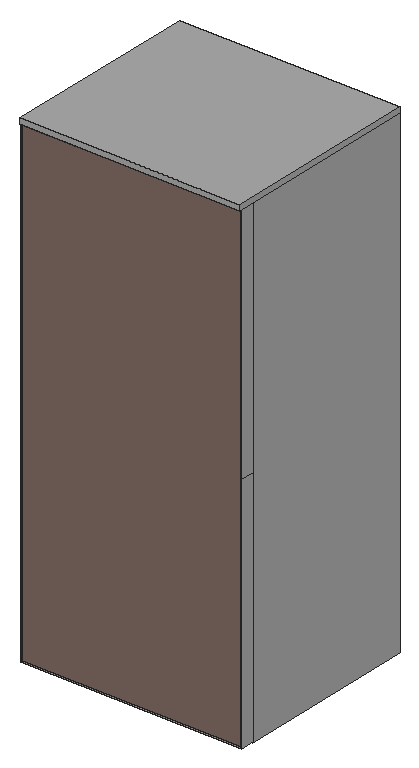
Revit family "bathroom vanity-hansgrohe-54214XXX-Xevolos E Mid-height cabinet Slate Matt Grey 400_360, door hinge left", category Furniture, Revit 2019
Family settings
  OmniClass Number = 23.40.00.00
  OmniClass Title = Equipment and Furnishings
  Work Plane-Based = No
  Always vertical = Yes
  Cut with Voids When Loaded = No
  Shared = Yes
  Room Calculation Point = No
Parameters (values of type "54214730-SLATE_MATT_GREY-DARK_OAK-200")
  etim7_EC011381 = "EC011381"
  WEIGHT = "22.5"
  UNSPSC = "56 | Furniture and Furnishings"
  UNIFORMATII = "E2010 | Fixed Furnishings"
  UNICLASS_2015_CODE = "40_30_78_05"
  UNICLASS2015 = "Pr_40_30_78_05 | Bathroom furniture"
  SURFACE = "DARK_OAK"
  REGION = "Worldwide"
  PRODUCTURL = "https://pro.hansgrohe.com/articledetail--54214770"
  PERMALINK = "54214XXX"
  OMNICLASS = "23-21 19 15 33 13 | Residential Bathroom Specialty Casework"
  OBJECTTYPE = "Object (single object)"
  OBERFLAECHE = "SLATE_MATT_GREY"
  NN = "Mid-height cabinet, door hinge"
  NBSYN = "$ARTNR.-$OBERFLAECHE.-$SURFACE.-$LODLEVEL."
  NB = "54214730-SLATE_MATT_GREY-DARK_OAK-200"
  NAME = "Xevolos E Mid-height cabinet Slate Matt Grey 400/360, door hinge left"
  Model = "54214730-SLATE_MATT_GREY-DARK_OAK-200"
  Manufacturer = "Hansgrohe"
  MIdent = "{$CADENAS_DATA/23d-libs/hansgrohe/xevolos_furniture/xevolos_mid-height_cabinet_door_hinge/mid-height_cabinet_door_hinge.prj},246 {VTYP=3D},{NB=54214730-SLATE_MATT_GREY-DARK_OAK-200},{LINA=54214730-SLATE_MATT_GREY-DARK_OAK-200},{NN=Mid-height cabinet, door hinge},{DATE=13.03.2023 11:42:53},{GEOMDATE=12.03.2023 06:48:00},{VERSION=},{LINEID=80},{WBVAR=LODLEVEL},{WBNUMERIC=}  {NB=54214730-SLATE_MATT_GREY-DARK_OAK-200},{LINA=54214730-SLATE_MATT_GREY-DARK_OAK-200},{KT=DUMMY},{IDNR=8},{ARTNR=54214730},{BASENUMBER=54214},{MODEL=54214XXX},{OBERFLAECHE=SLATE_MATT_GREY},{SURFACE=DARK_OAK},{L=400},{LODLEVEL=200},{LODLEVELX='400','400','200','200'},{NAME=Xevolos E Mid-height cabinet Slate Matt Grey 400/360, door hinge left},{PERMALINK=54214XXX},{OBJECTTYPE=Object (single object)},{BIMOBJECT=Sanitary: Compound units},{COLLECTIONSET=Xevolos E},{COLLECTION=bathroom vanity},{WEIGHT=22.5},{DESCRIPTION=Xevolos E Mid-height cabinet Slate Matt Grey 400/360, door hinge left},{PRODUCTURL=https://pro.hansgrohe.com/articledetail--54214770},{GTINCODE=0},{TENDERURL=0},{IFC=Furnishing element},{ETIM=EC011381 | Bathroom furniture set},{UNICLASS2015=Pr_40_30_78_05 | Bathroom furniture},{OMNICLASS=23-21 19 15 33 13 | Residential Bathroom Specialty Casework},{MASTERFORMAT=12 35 30.23 | Bathroom Casework},{UNSPSC=56 | Furniture and Furnishings},{UNIFORMATII=E2010 | Fixed Furnishings},{REGION=Worldwide},{DESIGN=Germany},{MANUFACTURER=Germany}"
  MASTERFORMAT = "12 35 30.23 | Bathroom Casework"
  LODLEVEL = "200"
  LINA = "54214730-SLATE_MATT_GREY-DARK_OAK-200"
  L = 400
  IFC = "Furnishing element"
  IDNR = 8
  ETIM = "EC011381 | Bathroom furniture set"
  DESIGN = "Germany"
  COLLECTIONSET = "Xevolos E"
  COLLECTION = "bathroom vanity"
  CATALOG = "Hansgrohe"
  BIMOBJECT = "Sanitary: Compound units"
  BASENUMBER = "54214"
  ARTNR = "54214730"
  54214770-SLATE_MATT_GREY-METALLIC_SLATE_GREY-400_RX0RY0RZ0TX0TY0TZ0_V = no
  54214770-SLATE_MATT_GREY-METALLIC_SLATE_GREY-200_RX0RY0RZ0TX0TY0TZ0_V = no
  54214730-SLATE_MATT_GREY-DARK_OAK-400_RX0RY0RZ0TX0TY0TZ0_V = no
  54214730-SLATE_MATT_GREY-DARK_OAK-200_RX0RY0RZ0TX0TY0TZ0_V = yes
  54214390-SLATE_MATT_GREY-PATTEREND_BRONZE-400_RX0RY0RZ0TX0TY0TZ0_V = no
  54214390-SLATE_MATT_GREY-PATTEREND_BRONZE-200_RX0RY0RZ0TX0TY0TZ0_V = no
Types (6, lengths in mm): name | SURFACE | NB | Model | MIdent | LODLEVEL | LINA | IDNR | ARTNR | 54214770-SLATE_MATT_GREY-METALLIC_SLATE_GREY-400_RX0RY0RZ0TX0TY0TZ0_V | 54214770-SLATE_MATT_GREY-METALLIC_SLATE_GREY-200_RX0RY0RZ0TX0TY0TZ0_V | 54214730-SLATE_MATT_GREY-DARK_OAK-400_RX0RY0RZ0TX0TY0TZ0_V | 54214730-SLATE_MATT_GREY-DARK_OAK-200_RX0RY0RZ0TX0TY0TZ0_V | 54214390-SLATE_MATT_GREY-PATTEREND_BRONZE-400_RX0RY0RZ0TX0TY0TZ0_V | 54214390-SLATE_MATT_GREY-PATTEREND_BRONZE-200_RX0RY0RZ0TX0TY0TZ0_V
  54214390-SLATE_MATT_GREY-PATTEREND_BRONZE-200 | "PATTEREND_BRONZE" | "54214390-SLATE_MATT_GREY-PATTEREND_BRONZE-200" | "54214390-SLATE_MATT_GREY-PATTEREND_BRONZE-200" | "{$CADENAS_DATA/23d-libs/hansgrohe/xevolos_furniture/xevolos_mid-height_cabinet_door_hinge/mid-height_cabinet_door_hinge.prj},262 {VTYP=3D},{NB=54214390-SLATE_MATT_GREY-PATTEREND_BRONZE-200},{LINA=54214390-SLATE_MATT_GREY-PATTEREND_BRONZE-200},{NN=Mid-height cabinet, door hinge},{DATE=13.03.2023 11:42:53},{GEOMDATE=12.03.2023 06:48:00},{VERSION=},{LINEID=70},{WBVAR=LODLEVEL},{WBNUMERIC=}  {NB=54214390-SLATE_MATT_GREY-PATTEREND_BRONZE-200},{LINA=54214390-SLATE_MATT_GREY-PATTEREND_BRONZE-200},{KT=DUMMY},{IDNR=7},{ARTNR=54214390},{BASENUMBER=54214},{MODEL=54214XXX},{OBERFLAECHE=SLATE_MATT_GREY},{SURFACE=PATTEREND_BRONZE},{L=400},{LODLEVEL=200},{LODLEVELX='400','400','200','200'},{NAME=Xevolos E Mid-height cabinet Slate Matt Grey 400/360, door hinge left},{PERMALINK=54214XXX},{OBJECTTYPE=Object (single object)},{BIMOBJECT=Sanitary: Compound units},{COLLECTIONSET=Xevolos E},{COLLECTION=bathroom vanity},{WEIGHT=22.5},{DESCRIPTION=Xevolos E Mid-height cabinet Slate Matt Grey 400/360, door hinge left},{PRODUCTURL=https://pro.hansgrohe.com/articledetail--54214770},{GTINCODE=0},{TENDERURL=0},{IFC=Furnishing element},{ETIM=EC011381 | Bathroom furniture set},{UNICLASS2015=Pr_40_30_78_05 | Bathroom furniture},{OMNICLASS=23-21 19 15 33 13 | Residential Bathroom Specialty Casework},{MASTERFORMAT=12 35 30.23 | Bathroom Casework},{UNSPSC=56 | Furniture and Furnishings},{UNIFORMATII=E2010 | Fixed Furnishings},{REGION=Worldwide},{DESIGN=Germany},{MANUFACTURER=Germany}" | "200" | "54214390-SLATE_MATT_GREY-PATTEREND_BRONZE-200" | 7 | "54214390" | no | no | no | no | no | yes
  54214390-SLATE_MATT_GREY-PATTEREND_BRONZE-400 | "PATTEREND_BRONZE" | "54214390-SLATE_MATT_GREY-PATTEREND_BRONZE-400" | "54214390-SLATE_MATT_GREY-PATTEREND_BRONZE-400" | "{$CADENAS_DATA/23d-libs/hansgrohe/xevolos_furniture/xevolos_mid-height_cabinet_door_hinge/mid-height_cabinet_door_hinge.prj},262 {VTYP=3D},{NB=54214390-SLATE_MATT_GREY-PATTEREND_BRONZE-400},{LINA=54214390-SLATE_MATT_GREY-PATTEREND_BRONZE-400},{NN=Mid-height cabinet, door hinge},{DATE=13.03.2023 11:42:53},{GEOMDATE=12.03.2023 06:48:00},{VERSION=},{LINEID=70},{WBVAR=LODLEVEL},{WBNUMERIC=}  {NB=54214390-SLATE_MATT_GREY-PATTEREND_BRONZE-400},{LINA=54214390-SLATE_MATT_GREY-PATTEREND_BRONZE-400},{KT=DUMMY},{IDNR=7},{ARTNR=54214390},{BASENUMBER=54214},{MODEL=54214XXX},{OBERFLAECHE=SLATE_MATT_GREY},{SURFACE=PATTEREND_BRONZE},{L=400},{LODLEVEL=400},{LODLEVELX='400','400','200','200'},{NAME=Xevolos E Mid-height cabinet Slate Matt Grey 400/360, door hinge left},{PERMALINK=54214XXX},{OBJECTTYPE=Object (single object)},{BIMOBJECT=Sanitary: Compound units},{COLLECTIONSET=Xevolos E},{COLLECTION=bathroom vanity},{WEIGHT=22.5},{DESCRIPTION=Xevolos E Mid-height cabinet Slate Matt Grey 400/360, door hinge left},{PRODUCTURL=https://pro.hansgrohe.com/articledetail--54214770},{GTINCODE=0},{TENDERURL=0},{IFC=Furnishing element},{ETIM=EC011381 | Bathroom furniture set},{UNICLASS2015=Pr_40_30_78_05 | Bathroom furniture},{OMNICLASS=23-21 19 15 33 13 | Residential Bathroom Specialty Casework},{MASTERFORMAT=12 35 30.23 | Bathroom Casework},{UNSPSC=56 | Furniture and Furnishings},{UNIFORMATII=E2010 | Fixed Furnishings},{REGION=Worldwide},{DESIGN=Germany},{MANUFACTURER=Germany}" | "400" | "54214390-SLATE_MATT_GREY-PATTEREND_BRONZE-400" | 7 | "54214390" | no | no | no | no | yes | no
  54214730-SLATE_MATT_GREY-DARK_OAK-200 | "DARK_OAK" | "54214730-SLATE_MATT_GREY-DARK_OAK-200" | "54214730-SLATE_MATT_GREY-DARK_OAK-200" | "{$CADENAS_DATA/23d-libs/hansgrohe/xevolos_furniture/xevolos_mid-height_cabinet_door_hinge/mid-height_cabinet_door_hinge.prj},246 {VTYP=3D},{NB=54214730-SLATE_MATT_GREY-DARK_OAK-200},{LINA=54214730-SLATE_MATT_GREY-DARK_OAK-200},{NN=Mid-height cabinet, door hinge},{DATE=13.03.2023 11:42:53},{GEOMDATE=12.03.2023 06:48:00},{VERSION=},{LINEID=80},{WBVAR=LODLEVEL},{WBNUMERIC=}  {NB=54214730-SLATE_MATT_GREY-DARK_OAK-200},{LINA=54214730-SLATE_MATT_GREY-DARK_OAK-200},{KT=DUMMY},{IDNR=8},{ARTNR=54214730},{BASENUMBER=54214},{MODEL=54214XXX},{OBERFLAECHE=SLATE_MATT_GREY},{SURFACE=DARK_OAK},{L=400},{LODLEVEL=200},{LODLEVELX='400','400','200','200'},{NAME=Xevolos E Mid-height cabinet Slate Matt Grey 400/360, door hinge left},{PERMALINK=54214XXX},{OBJECTTYPE=Object (single object)},{BIMOBJECT=Sanitary: Compound units},{COLLECTIONSET=Xevolos E},{COLLECTION=bathroom vanity},{WEIGHT=22.5},{DESCRIPTION=Xevolos E Mid-height cabinet Slate Matt Grey 400/360, door hinge left},{PRODUCTURL=https://pro.hansgrohe.com/articledetail--54214770},{GTINCODE=0},{TENDERURL=0},{IFC=Furnishing element},{ETIM=EC011381 | Bathroom furniture set},{UNICLASS2015=Pr_40_30_78_05 | Bathroom furniture},{OMNICLASS=23-21 19 15 33 13 | Residential Bathroom Specialty Casework},{MASTERFORMAT=12 35 30.23 | Bathroom Casework},{UNSPSC=56 | Furniture and Furnishings},{UNIFORMATII=E2010 | Fixed Furnishings},{REGION=Worldwide},{DESIGN=Germany},{MANUFACTURER=Germany}" | "200" | "54214730-SLATE_MATT_GREY-DARK_OAK-200" | 8 | "54214730" | no | no | no | yes | no | no
  54214730-SLATE_MATT_GREY-DARK_OAK-400 | "DARK_OAK" | "54214730-SLATE_MATT_GREY-DARK_OAK-400" | "54214730-SLATE_MATT_GREY-DARK_OAK-400" | "{$CADENAS_DATA/23d-libs/hansgrohe/xevolos_furniture/xevolos_mid-height_cabinet_door_hinge/mid-height_cabinet_door_hinge.prj},246 {VTYP=3D},{NB=54214730-SLATE_MATT_GREY-DARK_OAK-400},{LINA=54214730-SLATE_MATT_GREY-DARK_OAK-400},{NN=Mid-height cabinet, door hinge},{DATE=13.03.2023 11:42:53},{GEOMDATE=12.03.2023 06:48:00},{VERSION=},{LINEID=80},{WBVAR=LODLEVEL},{WBNUMERIC=}  {NB=54214730-SLATE_MATT_GREY-DARK_OAK-400},{LINA=54214730-SLATE_MATT_GREY-DARK_OAK-400},{KT=DUMMY},{IDNR=8},{ARTNR=54214730},{BASENUMBER=54214},{MODEL=54214XXX},{OBERFLAECHE=SLATE_MATT_GREY},{SURFACE=DARK_OAK},{L=400},{LODLEVEL=400},{LODLEVELX='400','400','200','200'},{NAME=Xevolos E Mid-height cabinet Slate Matt Grey 400/360, door hinge left},{PERMALINK=54214XXX},{OBJECTTYPE=Object (single object)},{BIMOBJECT=Sanitary: Compound units},{COLLECTIONSET=Xevolos E},{COLLECTION=bathroom vanity},{WEIGHT=22.5},{DESCRIPTION=Xevolos E Mid-height cabinet Slate Matt Grey 400/360, door hinge left},{PRODUCTURL=https://pro.hansgrohe.com/articledetail--54214770},{GTINCODE=0},{TENDERURL=0},{IFC=Furnishing element},{ETIM=EC011381 | Bathroom furniture set},{UNICLASS2015=Pr_40_30_78_05 | Bathroom furniture},{OMNICLASS=23-21 19 15 33 13 | Residential Bathroom Specialty Casework},{MASTERFORMAT=12 35 30.23 | Bathroom Casework},{UNSPSC=56 | Furniture and Furnishings},{UNIFORMATII=E2010 | Fixed Furnishings},{REGION=Worldwide},{DESIGN=Germany},{MANUFACTURER=Germany}" | "400" | "54214730-SLATE_MATT_GREY-DARK_OAK-400" | 8 | "54214730" | no | no | yes | no | no | no
  54214770-SLATE_MATT_GREY-METALLIC_SLATE_GREY-200 | "METALLIC_SLATE_GREY" | "54214770-SLATE_MATT_GREY-METALLIC_SLATE_GREY-200" | "54214770-SLATE_MATT_GREY-METALLIC_SLATE_GREY-200" | "{$CADENAS_DATA/23d-libs/hansgrohe/xevolos_furniture/xevolos_mid-height_cabinet_door_hinge/mid-height_cabinet_door_hinge.prj},268 {VTYP=3D},{NB=54214770-SLATE_MATT_GREY-METALLIC_SLATE_GREY-200},{LINA=54214770-SLATE_MATT_GREY-METALLIC_SLATE_GREY-200},{NN=Mid-height cabinet, door hinge},{DATE=13.03.2023 11:42:53},{GEOMDATE=12.03.2023 06:48:00},{VERSION=},{LINEID=90},{WBVAR=LODLEVEL},{WBNUMERIC=}  {NB=54214770-SLATE_MATT_GREY-METALLIC_SLATE_GREY-200},{LINA=54214770-SLATE_MATT_GREY-METALLIC_SLATE_GREY-200},{KT=DUMMY},{IDNR=9},{ARTNR=54214770},{BASENUMBER=54214},{MODEL=54214XXX},{OBERFLAECHE=SLATE_MATT_GREY},{SURFACE=METALLIC_SLATE_GREY},{L=400},{LODLEVEL=200},{LODLEVELX='400','400','200','200'},{NAME=Xevolos E Mid-height cabinet Slate Matt Grey 400/360, door hinge left},{PERMALINK=54214XXX},{OBJECTTYPE=Object (single object)},{BIMOBJECT=Sanitary: Compound units},{COLLECTIONSET=Xevolos E},{COLLECTION=bathroom vanity},{WEIGHT=22.5},{DESCRIPTION=Xevolos E Mid-height cabinet Slate Matt Grey 400/360, door hinge left},{PRODUCTURL=https://pro.hansgrohe.com/articledetail--54214770},{GTINCODE=0},{TENDERURL=0},{IFC=Furnishing element},{ETIM=EC011381 | Bathroom furniture set},{UNICLASS2015=Pr_40_30_78_05 | Bathroom furniture},{OMNICLASS=23-21 19 15 33 13 | Residential Bathroom Specialty Casework},{MASTERFORMAT=12 35 30.23 | Bathroom Casework},{UNSPSC=56 | Furniture and Furnishings},{UNIFORMATII=E2010 | Fixed Furnishings},{REGION=Worldwide},{DESIGN=Germany},{MANUFACTURER=Germany}" | "200" | "54214770-SLATE_MATT_GREY-METALLIC_SLATE_GREY-200" | 9 | "54214770" | no | yes | no | no | no | no
  54214770-SLATE_MATT_GREY-METALLIC_SLATE_GREY-400 | "METALLIC_SLATE_GREY" | "54214770-SLATE_MATT_GREY-METALLIC_SLATE_GREY-400" | "54214770-SLATE_MATT_GREY-METALLIC_SLATE_GREY-400" | "{$CADENAS_DATA/23d-libs/hansgrohe/xevolos_furniture/xevolos_mid-height_cabinet_door_hinge/mid-height_cabinet_door_hinge.prj},268 {VTYP=3D},{NB=54214770-SLATE_MATT_GREY-METALLIC_SLATE_GREY-400},{LINA=54214770-SLATE_MATT_GREY-METALLIC_SLATE_GREY-400},{NN=Mid-height cabinet, door hinge},{DATE=13.03.2023 11:42:53},{GEOMDATE=12.03.2023 06:48:00},{VERSION=},{LINEID=90},{WBVAR=LODLEVEL},{WBNUMERIC=}  {NB=54214770-SLATE_MATT_GREY-METALLIC_SLATE_GREY-400},{LINA=54214770-SLATE_MATT_GREY-METALLIC_SLATE_GREY-400},{KT=DUMMY},{IDNR=9},{ARTNR=54214770},{BASENUMBER=54214},{MODEL=54214XXX},{OBERFLAECHE=SLATE_MATT_GREY},{SURFACE=METALLIC_SLATE_GREY},{L=400},{LODLEVEL=400},{LODLEVELX='400','400','200','200'},{NAME=Xevolos E Mid-height cabinet Slate Matt Grey 400/360, door hinge left},{PERMALINK=54214XXX},{OBJECTTYPE=Object (single object)},{BIMOBJECT=Sanitary: Compound units},{COLLECTIONSET=Xevolos E},{COLLECTION=bathroom vanity},{WEIGHT=22.5},{DESCRIPTION=Xevolos E Mid-height cabinet Slate Matt Grey 400/360, door hinge left},{PRODUCTURL=https://pro.hansgrohe.com/articledetail--54214770},{GTINCODE=0},{TENDERURL=0},{IFC=Furnishing element},{ETIM=EC011381 | Bathroom furniture set},{UNICLASS2015=Pr_40_30_78_05 | Bathroom furniture},{OMNICLASS=23-21 19 15 33 13 | Residential Bathroom Specialty Casework},{MASTERFORMAT=12 35 30.23 | Bathroom Casework},{UNSPSC=56 | Furniture and Furnishings},{UNIFORMATII=E2010 | Fixed Furnishings},{REGION=Worldwide},{DESIGN=Germany},{MANUFACTURER=Germany}" | "400" | "54214770-SLATE_MATT_GREY-METALLIC_SLATE_GREY-400" | 9 | "54214770" | yes | no | no | no | no | no
Reference planes
  plane 1 "Center (Front/Back)": y = 0
  plane 2: z = 0
  plane 3 "Center (Left/Right)": x = 0
Dimensions and locks
  aligned and locked: level to plane 2
Nested families
  nested 1: "54214390-slate_matt_grey-patterend_bronze-200_content" at (0, 0, 0), visible <- "54214390-SLATE_MATT_GREY-PATTEREND_BRONZE-200_RX0RY0RZ0TX0TY0TZ0_V", ContentVisible <- "54214390-SLATE_MATT_GREY-PATTEREND_BRONZE-200_RX0RY0RZ0TX0TY0TZ0_V", type "54214390-SLATE_MATT_GREY-PATTEREND_BRONZE-200_Content"
    with ContentVisible no
  nested 2: "54214390-slate_matt_grey-patterend_bronze-400_content" at (0, 0, 0), visible <- "54214390-SLATE_MATT_GREY-PATTEREND_BRONZE-400_RX0RY0RZ0TX0TY0TZ0_V", ContentVisible <- "54214390-SLATE_MATT_GREY-PATTEREND_BRONZE-400_RX0RY0RZ0TX0TY0TZ0_V", type "54214390-SLATE_MATT_GREY-PATTEREND_BRONZE-400_Content"
    with ContentVisible no
  nested 3: "54214730-slate_matt_grey-dark_oak-200_content" at (0, 0, 0), visible <- "54214730-SLATE_MATT_GREY-DARK_OAK-200_RX0RY0RZ0TX0TY0TZ0_V", ContentVisible <- "54214730-SLATE_MATT_GREY-DARK_OAK-200_RX0RY0RZ0TX0TY0TZ0_V", type "54214730-SLATE_MATT_GREY-DARK_OAK-200_Content"
    with ContentVisible yes
  nested 4: "54214730-slate_matt_grey-dark_oak-400_content" at (0, 0, 0), visible <- "54214730-SLATE_MATT_GREY-DARK_OAK-400_RX0RY0RZ0TX0TY0TZ0_V", ContentVisible <- "54214730-SLATE_MATT_GREY-DARK_OAK-400_RX0RY0RZ0TX0TY0TZ0_V", type "54214730-SLATE_MATT_GREY-DARK_OAK-400_Content"
    with ContentVisible no
  nested 5: "54214770-slate_matt_grey-metallic_slate_grey-200_content" at (0, 0, 0), visible <- "54214770-SLATE_MATT_GREY-METALLIC_SLATE_GREY-200_RX0RY0RZ0TX0TY0TZ0_V", ContentVisible <- "54214770-SLATE_MATT_GREY-METALLIC_SLATE_GREY-200_RX0RY0RZ0TX0TY0TZ0_V", type "54214770-SLATE_MATT_GREY-METALLIC_SLATE_GREY-200_Content"
    with ContentVisible no
  nested 6: "54214770-slate_matt_grey-metallic_slate_grey-400_content" at (0, 0, 0), visible <- "54214770-SLATE_MATT_GREY-METALLIC_SLATE_GREY-400_RX0RY0RZ0TX0TY0TZ0_V", ContentVisible <- "54214770-SLATE_MATT_GREY-METALLIC_SLATE_GREY-400_RX0RY0RZ0TX0TY0TZ0_V", type "54214770-SLATE_MATT_GREY-METALLIC_SLATE_GREY-400_Content"
    with ContentVisible no
Definition of nested family "54214730-slate_matt_grey-dark_oak-200_content"
  Parameters (values of type "54214730-SLATE_MATT_GREY-DARK_OAK-200_Content")
    etim7_EC011381 = "EC011381"
    WEIGHT = "22.5"
    UNSPSC = "56 | Furniture and Furnishings"
    UNIFORMATII = "E2010 | Fixed Furnishings"
    UNICLASS_2015_CODE = "40_30_78_05"
    UNICLASS2015 = "Pr_40_30_78_05 | Bathroom furniture"
    SURFACE = "DARK_OAK"
    REGION = "Worldwide"
    PRODUCTURL = "https://pro.hansgrohe.com/articledetail--54214770"
    PERMALINK = "54214XXX"
    OMNICLASS = "23-21 19 15 33 13 | Residential Bathroom Specialty Casework"
    OBJECTTYPE = "Object (single object)"
    OBERFLAECHE = "SLATE_MATT_GREY"
    NN = "Mid-height cabinet, door hinge"
    NBSYN = "$ARTNR.-$OBERFLAECHE.-$SURFACE.-$LODLEVEL."
    NB = "54214730-SLATE_MATT_GREY-DARK_OAK-200"
    NAME = "Xevolos E Mid-height cabinet Slate Matt Grey 400/360, door hinge left"
    Model = "54214730-SLATE_MATT_GREY-DARK_OAK-200"
    Manufacturer = "Hansgrohe"
    MASTERFORMAT = "12 35 30.23 | Bathroom Casework"
    LODLEVEL = "200"
    LINA = "54214730-SLATE_MATT_GREY-DARK_OAK-200"
    L = 400
    IFC = "Furnishing element"
    IDNR = 8
    ETIM = "EC011381 | Bathroom furniture set"
    Default Elevation = 1219.2 mm
    DESIGN = "Germany"
    ContentVisible [instance] = yes
    COLLECTIONSET = "Xevolos E"
    COLLECTION = "bathroom vanity"
    CATALOG = "Hansgrohe"
    BIMOBJECT = "Sanitary: Compound units"
    BASENUMBER = "54214"
    ARTNR = "54214730"
  Reference planes
    plane 1 "Center (Front/Back)": y = 0
    plane 2: z = 0
    plane 3 "Center (Left/Right)": x = 0
  Forms (mm)
    Extrusion 1, solid, visible <- "ContentVisible", detail levels medium+fine
      sketch origin (0, 0, 0) x (1, 0, 0) y (0, 1, 0)
        loop
          line (-200, 0) -> (-200, -334.5) -> (200, -334.5) -> (200, 0) -> (-200, 0)
      from 0 to 878
    Extrusion 2, solid, visible <- "ContentVisible", detail levels medium+fine
      sketch origin (0, -334.5, 0) x (1, 0, 0) y (0, 0, -1)
        loop
          line (-200, -2) -> (-200, -440) -> (-198, -440) -> (-198, -4) -> (198, -4) -> (198, -440) -> (200, -440) -> (200, -2) -> (-200, -2)
      from -24.75 to 0
    Extrusion 3, solid, visible <- "ContentVisible", detail levels medium+fine
      sketch origin (0, -334.5, 0) x (1, 0, 0) y (0, 0, -1)
        loop
          line (-200, -440) -> (-200, -878) -> (200, -878) -> (200, -440) -> (198, -440) -> (198, -876) -> (-198, -876) -> (-198, -440) -> (-200, -440)
      from -24.75 to 0
    Extrusion 4, solid, visible <- "ContentVisible", detail levels medium+fine
      sketch origin (0, -334.5, 0) x (1, 0, 0) y (0, 0, -1)
        loop
          line (-198, -4) -> (-198, -876) -> (198, -876) -> (198, -4) -> (-198, -4)
      from -24.75 to 0
    Extrusion 5, solid, visible <- "ContentVisible", detail levels medium+fine
      sketch origin (0, 0, 878) x (1, 0, 0) y (0, 1, 0)
        loop
          line (-200, -362) -> (200, -362) -> (200, 0) -> (-200, 0) -> (-200, -362)
      from 0 to 10
    Extrusion 6, solid, visible <- "ContentVisible", detail levels coarse
      sketch origin (0, -181, 0) x (1, 0, 0) y (0, 1, 0)
        loop
          line (-200, -181) -> (200, -181) -> (200, 181) -> (-200, 181) -> (-200, -181)
      from 0 to 888
  Dimensions and locks
    aligned and locked: level to plane 2
Definition of nested family "54214390-slate_matt_grey-patterend_bronze-200_content"
  Parameters (values of type "54214390-SLATE_MATT_GREY-PATTEREND_BRONZE-200_Content")
    etim7_EC011381 = "EC011381"
    WEIGHT = "22.5"
    UNSPSC = "56 | Furniture and Furnishings"
    UNIFORMATII = "E2010 | Fixed Furnishings"
    UNICLASS_2015_CODE = "40_30_78_05"
    UNICLASS2015 = "Pr_40_30_78_05 | Bathroom furniture"
    SURFACE = "PATTEREND_BRONZE"
    REGION = "Worldwide"
    PRODUCTURL = "https://pro.hansgrohe.com/articledetail--54214770"
    PERMALINK = "54214XXX"
    OMNICLASS = "23-21 19 15 33 13 | Residential Bathroom Specialty Casework"
    OBJECTTYPE = "Object (single object)"
    OBERFLAECHE = "SLATE_MATT_GREY"
    NN = "Mid-height cabinet, door hinge"
    NBSYN = "$ARTNR.-$OBERFLAECHE.-$SURFACE.-$LODLEVEL."
    NB = "54214390-SLATE_MATT_GREY-PATTEREND_BRONZE-200"
    NAME = "Xevolos E Mid-height cabinet Slate Matt Grey 400/360, door hinge left"
    Model = "54214390-SLATE_MATT_GREY-PATTEREND_BRONZE-200"
    Manufacturer = "Hansgrohe"
    MASTERFORMAT = "12 35 30.23 | Bathroom Casework"
    LODLEVEL = "200"
    LINA = "54214390-SLATE_MATT_GREY-PATTEREND_BRONZE-200"
    L = 400
    IFC = "Furnishing element"
    IDNR = 7
    ETIM = "EC011381 | Bathroom furniture set"
    Default Elevation = 1219.2 mm
    DESIGN = "Germany"
    ContentVisible [instance] = yes
    COLLECTIONSET = "Xevolos E"
    COLLECTION = "bathroom vanity"
    CATALOG = "Hansgrohe"
    BIMOBJECT = "Sanitary: Compound units"
    BASENUMBER = "54214"
    ARTNR = "54214390"
  Reference planes
    plane 1 "Center (Front/Back)": y = 0
    plane 2: z = 0
    plane 3 "Center (Left/Right)": x = 0
  Forms (mm)
    Extrusion 1, solid, visible <- "ContentVisible", detail levels medium+fine
      sketch origin (0, 0, 0) x (1, 0, 0) y (0, 1, 0)
        loop
          line (-200, 0) -> (-200, -334.5) -> (200, -334.5) -> (200, 0) -> (-200, 0)
      from 0 to 878
    Extrusion 2, solid, visible <- "ContentVisible", detail levels medium+fine
      sketch origin (0, -334.5, 0) x (1, 0, 0) y (0, 0, -1)
        loop
          line (-200, -2) -> (-200, -440) -> (-198, -440) -> (-198, -4) -> (198, -4) -> (198, -440) -> (200, -440) -> (200, -2) -> (-200, -2)
      from -24.75 to 0
    Extrusion 3, solid, visible <- "ContentVisible", detail levels medium+fine
      sketch origin (0, -334.5, 0) x (1, 0, 0) y (0, 0, -1)
        loop
          line (-200, -440) -> (-200, -878) -> (200, -878) -> (200, -440) -> (198, -440) -> (198, -876) -> (-198, -876) -> (-198, -440) -> (-200, -440)
      from -24.75 to 0
    Extrusion 4, solid, visible <- "ContentVisible", detail levels medium+fine
      sketch origin (0, -334.5, 0) x (1, 0, 0) y (0, 0, -1)
        loop
          line (-198, -4) -> (-198, -876) -> (198, -876) -> (198, -4) -> (-198, -4)
      from -24.75 to 0
    Extrusion 5, solid, visible <- "ContentVisible", detail levels medium+fine
      sketch origin (0, 0, 878) x (1, 0, 0) y (0, 1, 0)
        loop
          line (-200, -362) -> (200, -362) -> (200, 0) -> (-200, 0) -> (-200, -362)
      from 0 to 10
    Extrusion 6, solid, visible <- "ContentVisible", detail levels coarse
      sketch origin (0, -181, 0) x (1, 0, 0) y (0, 1, 0)
        loop
          line (-200, -181) -> (200, -181) -> (200, 181) -> (-200, 181) -> (-200, -181)
      from 0 to 888
  Dimensions and locks
    aligned and locked: level to plane 2
Definition of nested family "54214390-slate_matt_grey-patterend_bronze-400_content"
  Parameters (values of type "54214390-SLATE_MATT_GREY-PATTEREND_BRONZE-400_Content")
    etim7_EC011381 = "EC011381"
    WEIGHT = "22.5"
    UNSPSC = "56 | Furniture and Furnishings"
    UNIFORMATII = "E2010 | Fixed Furnishings"
    UNICLASS_2015_CODE = "40_30_78_05"
    UNICLASS2015 = "Pr_40_30_78_05 | Bathroom furniture"
    SURFACE = "PATTEREND_BRONZE"
    REGION = "Worldwide"
    PRODUCTURL = "https://pro.hansgrohe.com/articledetail--54214770"
    PERMALINK = "54214XXX"
    OMNICLASS = "23-21 19 15 33 13 | Residential Bathroom Specialty Casework"
    OBJECTTYPE = "Object (single object)"
    OBERFLAECHE = "SLATE_MATT_GREY"
    NN = "Mid-height cabinet, door hinge"
    NBSYN = "$ARTNR.-$OBERFLAECHE.-$SURFACE.-$LODLEVEL."
    NB = "54214390-SLATE_MATT_GREY-PATTEREND_BRONZE-400"
    NAME = "Xevolos E Mid-height cabinet Slate Matt Grey 400/360, door hinge left"
    Model = "54214390-SLATE_MATT_GREY-PATTEREND_BRONZE-400"
    Manufacturer = "Hansgrohe"
    MASTERFORMAT = "12 35 30.23 | Bathroom Casework"
    LODLEVEL = "400"
    LINA = "54214390-SLATE_MATT_GREY-PATTEREND_BRONZE-400"
    L = 400
    IFC = "Furnishing element"
    IDNR = 7
    ETIM = "EC011381 | Bathroom furniture set"
    Default Elevation = 1219.2 mm
    DESIGN = "Germany"
    ContentVisible [instance] = yes
    COLLECTIONSET = "Xevolos E"
    COLLECTION = "bathroom vanity"
    CATALOG = "Hansgrohe"
    BIMOBJECT = "Sanitary: Compound units"
    BASENUMBER = "54214"
    ARTNR = "54214390"
  Reference planes
    plane 1 "Center (Front/Back)": y = 0
    plane 2: z = 0
    plane 3 "Center (Left/Right)": x = 0
  Forms (mm)
    Extrusion 1, solid, visible <- "ContentVisible", detail levels medium+fine
      sketch origin (0, 0, 0) x (1, 0, 0) y (0, 1, 0)
        loop
          line (-200, 0) -> (-200, -334.5) -> (200, -334.5) -> (200, 0) -> (184, 0) -> (184, -16.8) -> (-184, -16.8) -> (-184, 0) -> (-200, 0)
      from 0 to 878
    Extrusion 2, solid, visible <- "ContentVisible", detail levels medium+fine
      sketch origin (0, -334.5, 0) x (1, 0, 0) y (0, 0, -1)
        loop
          line (-200, -2) -> (-200, -440) -> (-198, -440) -> (-198, -4) -> (198, -4) -> (198, -440) -> (200, -440) -> (200, -2) -> (-200, -2)
      from -24.75 to 0
    Extrusion 3, solid, visible <- "ContentVisible", detail levels medium+fine
      sketch origin (0, -334.5, 0) x (1, 0, 0) y (0, 0, -1)
        loop
          line (-200, -440) -> (-200, -878) -> (200, -878) -> (200, -440) -> (198, -440) -> (198, -876) -> (-198, -876) -> (-198, -440) -> (-200, -440)
      from -24.75 to 0
    Extrusion 4, solid, visible <- "ContentVisible", detail levels medium+fine
      sketch origin (0, -334.5, 0) x (1, 0, 0) y (0, 0, -1)
        loop
          line (-198, -4) -> (-198, -876) -> (198, -876) -> (198, -4) -> (-198, -4)
      from -24.75 to 0
    Extrusion 5, solid, visible <- "ContentVisible", detail levels medium+fine
      sketch origin (0, 0, 878) x (1, 0, 0) y (0, 1, 0)
        loop
          line (-200, -362) -> (200, -362) -> (200, 0) -> (-200, 0) -> (-200, -362)
      from 0 to 10
    Extrusion 6, solid, visible <- "ContentVisible", detail levels coarse
      sketch origin (0, -181, 0) x (1, 0, 0) y (0, 1, 0)
        loop
          line (-200, -181) -> (200, -181) -> (200, 181) -> (-200, 181) -> (-200, -181)
      from 0 to 888
  Dimensions and locks
    aligned and locked: level to plane 2
Definition of nested family "54214730-slate_matt_grey-dark_oak-400_content"
  Parameters (values of type "54214730-SLATE_MATT_GREY-DARK_OAK-400_Content")
    etim7_EC011381 = "EC011381"
    WEIGHT = "22.5"
    UNSPSC = "56 | Furniture and Furnishings"
    UNIFORMATII = "E2010 | Fixed Furnishings"
    UNICLASS_2015_CODE = "40_30_78_05"
    UNICLASS2015 = "Pr_40_30_78_05 | Bathroom furniture"
    SURFACE = "DARK_OAK"
    REGION = "Worldwide"
    PRODUCTURL = "https://pro.hansgrohe.com/articledetail--54214770"
    PERMALINK = "54214XXX"
    OMNICLASS = "23-21 19 15 33 13 | Residential Bathroom Specialty Casework"
    OBJECTTYPE = "Object (single object)"
    OBERFLAECHE = "SLATE_MATT_GREY"
    NN = "Mid-height cabinet, door hinge"
    NBSYN = "$ARTNR.-$OBERFLAECHE.-$SURFACE.-$LODLEVEL."
    NB = "54214730-SLATE_MATT_GREY-DARK_OAK-400"
    NAME = "Xevolos E Mid-height cabinet Slate Matt Grey 400/360, door hinge left"
    Model = "54214730-SLATE_MATT_GREY-DARK_OAK-400"
    Manufacturer = "Hansgrohe"
    MASTERFORMAT = "12 35 30.23 | Bathroom Casework"
    LODLEVEL = "400"
    LINA = "54214730-SLATE_MATT_GREY-DARK_OAK-400"
    L = 400
    IFC = "Furnishing element"
    IDNR = 8
    ETIM = "EC011381 | Bathroom furniture set"
    Default Elevation = 1219.2 mm
    DESIGN = "Germany"
    ContentVisible [instance] = yes
    COLLECTIONSET = "Xevolos E"
    COLLECTION = "bathroom vanity"
    CATALOG = "Hansgrohe"
    BIMOBJECT = "Sanitary: Compound units"
    BASENUMBER = "54214"
    ARTNR = "54214730"
  Reference planes
    plane 1 "Center (Front/Back)": y = 0
    plane 2: z = 0
    plane 3 "Center (Left/Right)": x = 0
  Forms (mm)
    Extrusion 1, solid, visible <- "ContentVisible", detail levels medium+fine
      sketch origin (0, 0, 0) x (1, 0, 0) y (0, 1, 0)
        loop
          line (-200, 0) -> (-200, -334.5) -> (200, -334.5) -> (200, 0) -> (184, 0) -> (184, -16.8) -> (-184, -16.8) -> (-184, 0) -> (-200, 0)
      from 0 to 878
    Extrusion 2, solid, visible <- "ContentVisible", detail levels medium+fine
      sketch origin (0, -334.5, 0) x (1, 0, 0) y (0, 0, -1)
        loop
          line (-200, -2) -> (-200, -440) -> (-198, -440) -> (-198, -4) -> (198, -4) -> (198, -440) -> (200, -440) -> (200, -2) -> (-200, -2)
      from -24.75 to 0
    Extrusion 3, solid, visible <- "ContentVisible", detail levels medium+fine
      sketch origin (0, -334.5, 0) x (1, 0, 0) y (0, 0, -1)
        loop
          line (-200, -440) -> (-200, -878) -> (200, -878) -> (200, -440) -> (198, -440) -> (198, -876) -> (-198, -876) -> (-198, -440) -> (-200, -440)
      from -24.75 to 0
    Extrusion 4, solid, visible <- "ContentVisible", detail levels medium+fine
      sketch origin (0, -334.5, 0) x (1, 0, 0) y (0, 0, -1)
        loop
          line (-198, -4) -> (-198, -876) -> (198, -876) -> (198, -4) -> (-198, -4)
      from -24.75 to 0
    Extrusion 5, solid, visible <- "ContentVisible", detail levels medium+fine
      sketch origin (0, 0, 878) x (1, 0, 0) y (0, 1, 0)
        loop
          line (-200, -362) -> (200, -362) -> (200, 0) -> (-200, 0) -> (-200, -362)
      from 0 to 10
    Extrusion 6, solid, visible <- "ContentVisible", detail levels coarse
      sketch origin (0, -181, 0) x (1, 0, 0) y (0, 1, 0)
        loop
          line (-200, -181) -> (200, -181) -> (200, 181) -> (-200, 181) -> (-200, -181)
      from 0 to 888
  Dimensions and locks
    aligned and locked: level to plane 2
Definition of nested family "54214770-slate_matt_grey-metallic_slate_grey-200_content"
  Parameters (values of type "54214770-SLATE_MATT_GREY-METALLIC_SLATE_GREY-200_Content")
    etim7_EC011381 = "EC011381"
    WEIGHT = "22.5"
    UNSPSC = "56 | Furniture and Furnishings"
    UNIFORMATII = "E2010 | Fixed Furnishings"
    UNICLASS_2015_CODE = "40_30_78_05"
    UNICLASS2015 = "Pr_40_30_78_05 | Bathroom furniture"
    SURFACE = "METALLIC_SLATE_GREY"
    REGION = "Worldwide"
    PRODUCTURL = "https://pro.hansgrohe.com/articledetail--54214770"
    PERMALINK = "54214XXX"
    OMNICLASS = "23-21 19 15 33 13 | Residential Bathroom Specialty Casework"
    OBJECTTYPE = "Object (single object)"
    OBERFLAECHE = "SLATE_MATT_GREY"
    NN = "Mid-height cabinet, door hinge"
    NBSYN = "$ARTNR.-$OBERFLAECHE.-$SURFACE.-$LODLEVEL."
    NB = "54214770-SLATE_MATT_GREY-METALLIC_SLATE_GREY-200"
    NAME = "Xevolos E Mid-height cabinet Slate Matt Grey 400/360, door hinge left"
    Model = "54214770-SLATE_MATT_GREY-METALLIC_SLATE_GREY-200"
    Manufacturer = "Hansgrohe"
    MASTERFORMAT = "12 35 30.23 | Bathroom Casework"
    LODLEVEL = "200"
    LINA = "54214770-SLATE_MATT_GREY-METALLIC_SLATE_GREY-200"
    L = 400
    IFC = "Furnishing element"
    IDNR = 9
    ETIM = "EC011381 | Bathroom furniture set"
    Default Elevation = 1219.2 mm
    DESIGN = "Germany"
    ContentVisible [instance] = yes
    COLLECTIONSET = "Xevolos E"
    COLLECTION = "bathroom vanity"
    CATALOG = "Hansgrohe"
    BIMOBJECT = "Sanitary: Compound units"
    BASENUMBER = "54214"
    ARTNR = "54214770"
  Reference planes
    plane 1 "Center (Front/Back)": y = 0
    plane 2: z = 0
    plane 3 "Center (Left/Right)": x = 0
  Forms (mm)
    Extrusion 1, solid, visible <- "ContentVisible", detail levels medium+fine
      sketch origin (0, 0, 0) x (1, 0, 0) y (0, 1, 0)
        loop
          line (-200, 0) -> (-200, -334.5) -> (200, -334.5) -> (200, 0) -> (-200, 0)
      from 0 to 878
    Extrusion 2, solid, visible <- "ContentVisible", detail levels medium+fine
      sketch origin (0, -334.5, 0) x (1, 0, 0) y (0, 0, -1)
        loop
          line (-200, -2) -> (-200, -440) -> (-198, -440) -> (-198, -4) -> (198, -4) -> (198, -440) -> (200, -440) -> (200, -2) -> (-200, -2)
      from -24.75 to 0
    Extrusion 3, solid, visible <- "ContentVisible", detail levels medium+fine
      sketch origin (0, -334.5, 0) x (1, 0, 0) y (0, 0, -1)
        loop
          line (-200, -440) -> (-200, -878) -> (200, -878) -> (200, -440) -> (198, -440) -> (198, -876) -> (-198, -876) -> (-198, -440) -> (-200, -440)
      from -24.75 to 0
    Extrusion 4, solid, visible <- "ContentVisible", detail levels medium+fine
      sketch origin (0, -334.5, 0) x (1, 0, 0) y (0, 0, -1)
        loop
          line (-198, -4) -> (-198, -876) -> (198, -876) -> (198, -4) -> (-198, -4)
      from -24.75 to 0
    Extrusion 5, solid, visible <- "ContentVisible", detail levels medium+fine
      sketch origin (0, 0, 878) x (1, 0, 0) y (0, 1, 0)
        loop
          line (-200, -362) -> (200, -362) -> (200, 0) -> (-200, 0) -> (-200, -362)
      from 0 to 10
    Extrusion 6, solid, visible <- "ContentVisible", detail levels coarse
      sketch origin (0, -181, 0) x (1, 0, 0) y (0, 1, 0)
        loop
          line (-200, -181) -> (200, -181) -> (200, 181) -> (-200, 181) -> (-200, -181)
      from 0 to 888
  Dimensions and locks
    aligned and locked: level to plane 2
Definition of nested family "54214770-slate_matt_grey-metallic_slate_grey-400_content"
  Parameters (values of type "54214770-SLATE_MATT_GREY-METALLIC_SLATE_GREY-400_Content")
    etim7_EC011381 = "EC011381"
    WEIGHT = "22.5"
    UNSPSC = "56 | Furniture and Furnishings"
    UNIFORMATII = "E2010 | Fixed Furnishings"
    UNICLASS_2015_CODE = "40_30_78_05"
    UNICLASS2015 = "Pr_40_30_78_05 | Bathroom furniture"
    SURFACE = "METALLIC_SLATE_GREY"
    REGION = "Worldwide"
    PRODUCTURL = "https://pro.hansgrohe.com/articledetail--54214770"
    PERMALINK = "54214XXX"
    OMNICLASS = "23-21 19 15 33 13 | Residential Bathroom Specialty Casework"
    OBJECTTYPE = "Object (single object)"
    OBERFLAECHE = "SLATE_MATT_GREY"
    NN = "Mid-height cabinet, door hinge"
    NBSYN = "$ARTNR.-$OBERFLAECHE.-$SURFACE.-$LODLEVEL."
    NB = "54214770-SLATE_MATT_GREY-METALLIC_SLATE_GREY-400"
    NAME = "Xevolos E Mid-height cabinet Slate Matt Grey 400/360, door hinge left"
    Model = "54214770-SLATE_MATT_GREY-METALLIC_SLATE_GREY-400"
    Manufacturer = "Hansgrohe"
    MASTERFORMAT = "12 35 30.23 | Bathroom Casework"
    LODLEVEL = "400"
    LINA = "54214770-SLATE_MATT_GREY-METALLIC_SLATE_GREY-400"
    L = 400
    IFC = "Furnishing element"
    IDNR = 9
    ETIM = "EC011381 | Bathroom furniture set"
    Default Elevation = 1219.2 mm
    DESIGN = "Germany"
    ContentVisible [instance] = yes
    COLLECTIONSET = "Xevolos E"
    COLLECTION = "bathroom vanity"
    CATALOG = "Hansgrohe"
    BIMOBJECT = "Sanitary: Compound units"
    BASENUMBER = "54214"
    ARTNR = "54214770"
  Reference planes
    plane 1 "Center (Front/Back)": y = 0
    plane 2: z = 0
    plane 3 "Center (Left/Right)": x = 0
  Forms (mm)
    Extrusion 1, solid, visible <- "ContentVisible", detail levels medium+fine
      sketch origin (0, 0, 0) x (1, 0, 0) y (0, 1, 0)
        loop
          line (-200, 0) -> (-200, -334.5) -> (200, -334.5) -> (200, 0) -> (184, 0) -> (184, -16.8) -> (-184, -16.8) -> (-184, 0) -> (-200, 0)
      from 0 to 878
    Extrusion 2, solid, visible <- "ContentVisible", detail levels medium+fine
      sketch origin (0, -334.5, 0) x (1, 0, 0) y (0, 0, -1)
        loop
          line (-200, -2) -> (-200, -440) -> (-198, -440) -> (-198, -4) -> (198, -4) -> (198, -440) -> (200, -440) -> (200, -2) -> (-200, -2)
      from -24.75 to 0
    Extrusion 3, solid, visible <- "ContentVisible", detail levels medium+fine
      sketch origin (0, -334.5, 0) x (1, 0, 0) y (0, 0, -1)
        loop
          line (-200, -440) -> (-200, -878) -> (200, -878) -> (200, -440) -> (198, -440) -> (198, -876) -> (-198, -876) -> (-198, -440) -> (-200, -440)
      from -24.75 to 0
    Extrusion 4, solid, visible <- "ContentVisible", detail levels medium+fine
      sketch origin (0, -334.5, 0) x (1, 0, 0) y (0, 0, -1)
        loop
          line (-198, -4) -> (-198, -876) -> (198, -876) -> (198, -4) -> (-198, -4)
      from -24.75 to 0
    Extrusion 5, solid, visible <- "ContentVisible", detail levels medium+fine
      sketch origin (0, 0, 878) x (1, 0, 0) y (0, 1, 0)
        loop
          line (-200, -362) -> (200, -362) -> (200, 0) -> (-200, 0) -> (-200, -362)
      from 0 to 10
    Extrusion 6, solid, visible <- "ContentVisible", detail levels coarse
      sketch origin (0, -181, 0) x (1, 0, 0) y (0, 1, 0)
        loop
          line (-200, -181) -> (200, -181) -> (200, 181) -> (-200, 181) -> (-200, -181)
      from 0 to 888
  Dimensions and locks
    aligned and locked: level to plane 2
